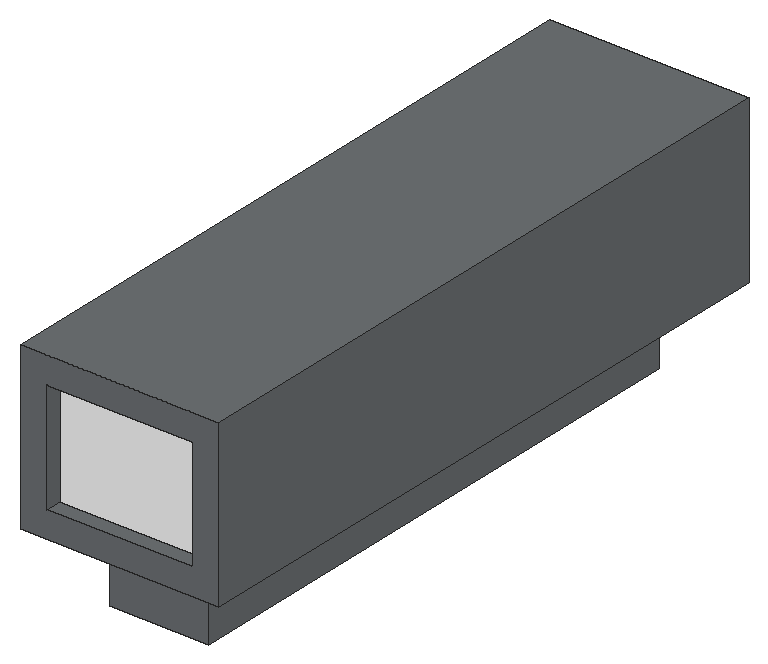
Revit family "Thorn AXYL GLOW", category Lighting Fixtures, host Face, Revit 2023
Family settings
  Host = Face
  Round Connector Dimension = Use Diameter
  Part Type = Normal
  Cut with Voids When Loaded = Yes
  Light Source = No
  Maintain Annotation Orientation = No
  Shared = No
  Room Calculation Point = Yes
Parameters (values of type "AXYL GLOW S U/D 2L930 WB HF ANT")
  Wattage = 5.4 W
  URL = "https://www.thornlighting.com/96700165"
  Type Light Source UP = Thorn-Light Source-Axyl-Glow : AXYL GLOW S U/D 2L930 WB HF ANT_photometric_data_UP
  Type Light Source DOWN = Thorn-Light Source-Axyl-Glow : AXYL GLOW S U/D 2L930 WB HF ANT_photometric_data_DOWN
  Type Image = TLG_AXYL_F_GLOW_S_ANT.jpg
  Type IFC Predefined Type = "DIRECTIONSOURCE"
  Up and Down = yes
  Down = yes
  Housing Small = yes
  Housing Medium = no
  Housing Large = no
  Power Factor = 0.54
  Model = "96700165"
  Material Housing = Thorn-Aluminium-RAL 7016-Anthracite Grey
  Manufacturer = "Thorn Lighting"  # constant formula
  Luminaire Width = if(Housing Small, 60 mm, if(Housing Medium, 90 mm, if(Housing Large, 140 mm, 60 mm)))  # 60 mm
  Luminaire Length = 200 mm  # constant formula
  Luminaire Height = 72 mm  # constant formula
  Lamp = "LED"  # constant formula
  Export Type to IFC As = "IfcLightFixtureType"
  Description = "Wall Mounted Decorative Luminaire"  # constant formula
  Default Elevation = 1000 mm  # constant formula
  Body Size Small = Thorn-Axyl-Glow-Body : Small
  Body Size Medium = Thorn-Axyl-Glow-Body : Medium
  Body Size Large = Thorn-Axyl-Glow-Body : Large
  Body Size = if(Housing Small, Body Size Small, if(Housing Medium, Body Size Medium, if(Housing Large, Body Size Large, Body Size Small)))  # Thorn-Axyl-Glow-Body : Small
  Assembly Code = "Pr_70_70_48_93"
  Apparent Load = Wattage / Power Factor  # 10 VA
Reference planes
  plane 1 "Center (Front/Back)": y = 0
  plane 2: z = 0
  plane 3 "Center (Left/Right)": x = 0
  plane 4: x = -30
  plane 5: x = 30
  plane 6: y = 100
  plane 7: y = -100
  plane 8: z = 72
  plane 9: z = 47
Lines and regions (mm)
  Filled region 1, type "White"
    outline origin (0, 0, 0) x (1, 0, 0) y (0, 1, 0)
      loop
        line (-30, 100) -> (-30, -100) -> (30, -100) -> (30, 100) -> (-30, 100)
  symbolic lines, visible <- "Down"
    curve 1: line (-22, -100, 0) -> (-22, -75, 0)
    curve 2: line (-22, -75, 0) -> (22, -75, 0)
    curve 3: line (22, -75, 0) -> (22, -100, 0)
  symbolic lines, visible <- "Up and Down"
    curve 4: line (-22, 100, 0) -> (-22, 75, 0)
    curve 5: line (-22, 75, 0) -> (22, 75, 0)
    curve 6: line (22, 75, 0) -> (22, 100, 0)
  model lines, style "InvisibleLines"
    curve 7: line (0, 0, 0) -> (0, 0, 486)
    curve 8: line (0, 0, 486) -> (34.202, 0, 392.031)
    curve 9: line (0, 0, 486) -> (-34.202, 0, 392.031)
    curve 10: line (-250, 0, 0) -> (250, 0, 0)
Dimensions and locks
  equal spacing: plane 4, plane 3 "Center (Left/Right)", plane 5
  "Luminaire Width": plane 4 to plane 5
  equal spacing: plane 7, plane 1 "Center (Front/Back)", plane 6
  "Luminaire Length": plane 7 to plane 6
  "Luminaire Height": plane 8 to level
  locked: plane 7 to curve 2 at 25
  locked: curve 5 to plane 6 at 25
  locked: plane 4 to curve 1 at 8
  locked: curve 3 to plane 5 at 8
  locked: plane 4 to curve 4 at 8
  locked: curve 6 to plane 5 at 8
  aligned and locked: plane 2 to host face
  aligned and locked: level to host face
  aligned and locked: Filled region 1 sketch curve to nested 1  (x4)
  aligned and locked: plane 7 to nested 1
  aligned and locked: plane 7 to nested 2
  aligned and locked: plane 3 "Center (Left/Right)" to nested 2
  aligned and locked: nested 3 to plane 6
  aligned and locked: plane 3 "Center (Left/Right)" to nested 3
  aligned and locked: nested 3 to plane 9
  aligned and locked: nested 2 to plane 9
Automatic sketch dimensions
  host sketch curve to host sketch curve = 2438.4 mm  (x2)
  plane 7 to curve 1 = 0 mm
  curve 4 to plane 6 = 0 mm
  curve 6 to plane 6 = 0 mm
  plane 7 to curve 3 = 0 mm
  curve 10 to level = 0 mm
  curve 8 to plane 3 "Center (Left/Right)" = 0 mm
  plane 8 to curve 9 = 414 mm
  curve 9 to plane 4 = 4.202 mm
  curve 10 to plane 4 = 220 mm
  curve 8 to plane 5 = 4.202 mm
  curve 10 to plane 5 = 220 mm
  curve 9 to curve 7 = 93.969 mm
  curve 8 to curve 9 = 0 mm
Nested families
  nested 1: "Thorn-Axyl-Glow-Body" at (0, 0, 0), Set UP W <- "Up and Down", Set DOWN W <- "Down", type <- "Body Size", Material Housing <- "Material Housing", type "Small"
    with Visibility Front W yes, Visibility Back W yes, Set UP W yes, Set DOWN W yes, Offset From Ceiling 0 mm, Material Housing Thorn-Aluminium-RAL 7016-Anthracite Grey, Housing yes
  nested 2: "Thorn-Light Source-Axyl-Glow" at (0, -100, 47), type <- "Type Light Source DOWN", type "AXYL GLOW S U/D 2L930 WB HF ANT_photometric_data_DOWN"
    with Reflector Direction Line Offset 600 mm, Light Distribution Offset 600 mm
  nested 3: "Thorn-Light Source-Axyl-Glow" at (0, 100, 47), type <- "Type Light Source UP", visible <- "Up and Down", type "AXYL GLOW S U/D 2L930 WB HF ANT_photometric_data_UP"
    with Reflector Direction Line Offset 600 mm, Light Distribution Offset 600 mm
Connectors
  electrical at (0, 0, 0), driven by "Apparent Load", driven by "Power Factor"
    settings: index 1, voltage 230 V, apparent load 10 VA, apparent load phase1 0 VA, apparent load phase2 0 VA, apparent load phase3 0 VA, power factor 0.54, load classification "Lighting", number of poles 1, system type 30, power factor state 1, is connector primary yes, connector utility no, sub classification motor no, connector description ""
Definition of nested family "Thorn-Axyl-Glow-Body"
  Parameters (values of type "Small")
    Wall Mount Offset = if(Set Size Small, 15 mm, if(Set Size Medium, 18 mm, if(Set Size Large, 22 mm, 15 mm)))  # 15 mm
    Visibility Front W [instance] = Set DOWN W  # yes
    Visibility Back W [instance] = Set UP W  # yes
    Set Size Small = yes
    Set Size Medium = no
    Set Size Large = no
    Set DOWN W [instance] = yes
    Set UP W [instance] = yes
    Material Light Source = none
    Luminaire Width = if(Set Size Small, 60 mm, if(Set Size Medium, 90 mm, if(Set Size Large, 140 mm, 60 mm)))  # 60 mm
    Luminaire Length = if(Set Size Small, 200 mm, if(Set Size Medium, 200 mm, if(Set Size Large, 200 mm, 200 mm)))  # 200 mm
    Luminaire Height = if(Set Size Small, 72 mm, if(Set Size Medium, 72 mm, if(Set Size Large, 72 mm, 72 mm)))  # 72 mm
    Housing [instance] = yes
    Material Housing [instance] = none
    Offset From Ceiling [instance] = 0 mm
    Manufacturer = "Thorn Lighting"  # constant formula
    Default Elevation = 1219.2 mm
  Types (4, lengths in mm): name | Wall Mount Offset | Set Size Small | Set Size Medium | Set Size Large | Luminaire Width
    (no name) | 15 | yes | no | no | 60
    Small | 15 | yes | no | no | 60
    Medium | 18 | no | yes | no | 90
    Large | 22 | no | no | yes | 140
  Reference planes
    plane 1 "Center (Front/Back)": y = 0
    plane 2: z = 0
    plane 3 "Center (Left/Right)": x = 0
    plane 4: x = -30
    plane 5: x = 30
    plane 6: y = 100
    plane 7: y = -100
    plane 8: z = 72
    plane 9: z = -500
    plane 10: z = 22
    plane 11: y = -95
    plane 12: y = -69.583
    plane 13: y = 69.583
    plane 14: y = 95
    plane 15: z = 30
    plane 16: z = 64
    plane 17: x = -22
    plane 18: x = 22
    plane 19 "Screw back": y = 36
    plane 20 "Screw front": y = -36
  Forms (mm)
    Extrusion 1, solid, material <- "Material Housing"
      sketch origin (0, 0, 0) x (1, 0, 0) y (0, 1, 0)
        loop
          line (-30, 100) -> (-30, -100) -> (30, -100) -> (30, 100) -> (-30, 100)
      from 0 to 72
    Extrusion 2, void
      sketch origin (0, 0, 0) x (1, 0, 0) y (0, 1, 0)
        loop
          line (-30, 100) -> (-30, -100) -> (30, -100) -> (30, 100) -> (-30, 100)
        loop
          line (-15, 85) -> (-15, -85) -> (15, -85) -> (15, 85) -> (-15, 85)
      from 0 to 22
    Extrusion 3, solid, material <- "Material Light Source", visible <- "Visibility Front W"
      sketch origin (0, 0, 0) x (1, 0, 0) y (0, 0, 1)
        loop
          line (-22, 30) -> (22, 30) -> (22, 64) -> (-22, 64) -> (-22, 30)
      from 69.583 to 95
    Extrusion 4, void
      sketch origin (0, 0, 0) x (1, 0, 0) y (0, 0, 1)
        loop
          line (-22, 30) -> (22, 30) -> (22, 64) -> (-22, 64) -> (-22, 30)
      from 29.583 to 100.817
    Extrusion 5, solid, material <- "Material Light Source", visible <- "Visibility Back W"
      sketch origin (0, 0, 0) x (1, 0, 0) y (0, 0, -1)
        loop
          line (-22, -30) -> (-22, -64) -> (22, -64) -> (22, -30) -> (-22, -30)
      from 69.583 to 95
    Extrusion 6, void
      sketch origin (0, 0, 0) x (1, 0, 0) y (0, 0, -1)
        loop
          line (-22, -30) -> (-22, -64) -> (22, -64) -> (22, -30) -> (-22, -30)
      from 29.583 to 102.048
  Cuts and joins
    Extrusion 2, Extrusion 4, Extrusion 6 cuts Extrusion 1
  Dimensions and locks
    equal spacing: plane 4, plane 3 "Center (Left/Right)", plane 5
    "Luminaire Width": plane 4 to plane 5
    equal spacing: plane 6, plane 1 "Center (Front/Back)", plane 7
    "Luminaire Length": plane 6 to plane 7
    "Luminaire Height": plane 8 to level
    plane 10 to plane 2 = 22 mm
    locked: plane 11 to plane 7 at 5
    plane 12 to plane 11 = 25.417 mm
    locked: plane 15 to plane 10 at 8
    locked: plane 8 to plane 16 at 8
    locked: plane 4 to plane 17 at 8
    locked: plane 18 to plane 5 at 8
    locked: plane 14 to plane 13 at 25.417
    locked: plane 6 to plane 14 at 5
    "Wall Mount Offset": cut or joined group of Extrusion 1, Extrusion 2, Extrusion 4, Extrusion 6 to Extrusion 2 sketch curve  (x3)
    "Wall Mount Offset": Extrusion 2 sketch curve to cut or joined group of Extrusion 1, Extrusion 2, Extrusion 4, Extrusion 6
    aligned and locked: level to plane 2
    aligned and locked: plane 6 to Extrusion 1 sketch curve
    aligned and locked: plane 4 to Extrusion 1 sketch curve
    aligned and locked: plane 7 to Extrusion 1 sketch curve
    aligned and locked: plane 5 to Extrusion 1 sketch curve
    aligned and locked: plane 8 to Extrusion 1
    aligned and locked: Extrusion 2 to plane 10
    aligned and locked: plane 2 to Extrusion 2
    aligned and locked: plane 11 to Extrusion 3
    aligned and locked: Extrusion 3 to plane 12
    aligned and locked: Extrusion 5 to plane 13
    aligned and locked: plane 14 to Extrusion 5
    aligned and locked: plane 15 to Extrusion 3
    aligned and locked: plane 15 to Extrusion 5
    aligned and locked: cut or joined group of Extrusion 1, Extrusion 2, Extrusion 4, Extrusion 6 to plane 4
  Automatic sketch dimensions
    Extrusion 3 sketch curve to plane 16 = 0 mm
    plane 17 to Extrusion 3 sketch curve = 0 mm
    plane 18 to Extrusion 3 sketch curve = 0 mm
    Extrusion 3 sketch curve to plane 15 = 0 mm
    Extrusion 4 sketch curve to plane 16 = 0 mm
    plane 17 to Extrusion 4 sketch curve = 0 mm
    plane 18 to Extrusion 4 sketch curve = 0 mm
    Extrusion 4 sketch curve to plane 15 = 0 mm
    Extrusion 5 sketch curve to plane 16 = 0 mm
    plane 17 to Extrusion 5 sketch curve = 0 mm
    plane 18 to Extrusion 5 sketch curve = 0 mm
    Extrusion 5 sketch curve to plane 15 = 0 mm
    Extrusion 6 sketch curve to plane 16 = 0 mm
    plane 17 to Extrusion 6 sketch curve = 0 mm
    plane 18 to Extrusion 6 sketch curve = 0 mm
    Extrusion 6 sketch curve to plane 15 = 0 mm
    Extrusion 2 sketch curve to plane 4 = 0 mm
    Extrusion 2 sketch curve to plane 5 = 0 mm
    Extrusion 2 sketch curve to plane 7 = 0 mm
    plane 6 to Extrusion 2 sketch curve = 0 mm
Definition of nested family "Thorn-Light Source-Axyl-Glow"
  Parameters (values of type "AXYL GLOW L DWN 5L927 WB HF ANT_photometric_data")
    URL = "/"
    Type Comments = "/"
    Reflector Direction Line Offset [instance] = 600 mm
    Model = "96700193"
    Light Distribution Offset [instance] = 600 mm
    Wattage = 16 W
    built-in parameter 1150110 = 1 (stored number, unit not read)
    built-in parameter 1114217 = 1 (stored number, unit not read)
    Tilt Angle = -90.00°
    built-in parameter 1150109 = 1 (stored number, unit not read)
    built-in parameter 1150134 = (empty or 0)
    built-in parameter 1150113 = 1 (stored number, unit not read)
    Power Factor = 0.95
    Photometric Web File = "96700193_(STD).IES"
    Manufacturer = "Thorn Lighting"  # constant formula
    Lumens = 524 lm
    built-in parameter 1150115 = 1 (stored number, unit not read)
    built-in parameter 1150105 = 167.21 (stored number, unit not read)
    built-in parameter 1150137 = (empty or 0)
    built-in parameter 1150139 = (empty or 0)
    built-in parameter 1150112 = 1 (stored number, unit not read)
    built-in parameter 1150114 = 1 (stored number, unit not read)
    Lamp = "LED"
    Keynote = "/"
    built-in parameter 1150132 = 2
    built-in parameter 1150102 = (empty or 0)
    built-in parameter 1150138 = (empty or 0)
    built-in parameter 1150107 = 2700 (stored number, unit not read)
    built-in parameter 1150106 = 1.6721 (stored number, unit not read)
    built-in parameter 1150104 = 3.0658 (stored number, unit not read)
    Dimming Lamp Color Temperature Shift = (empty or 0)
    Description = "Light Source"  # constant formula
    Default Elevation = 0 mm  # constant formula
    Color Filter = 16777215
    built-in parameter 1114218 = 1 (stored number, unit not read)
    built-in parameter 1150133 = 10 (stored number, unit not read)
    Apparent Load = 21.25 VA
  Types (216, lengths in mm): name | Model | Wattage | Power Factor | Photometric Web File | Lumens | built-in parameter 1150107 | built-in parameter 1150104
    AXYL GLOW S DWN 1L927 WB HF ANT_photometric_data | "96700145" | 4 W | 0.54 | "96700145_(STD).IES" | 90 lm | 2700 (stored number, unit not read) | 2.1368 (stored number, unit not read)
    AXYL GLOW S DWN 1L927 WB HF BK_photometric_data | "96700143" | 4 W | 0.54 | "96700143_(STD).IES" | 90 lm | 2700 (stored number, unit not read) | 2.1368 (stored number, unit not read)
    AXYL GLOW S DWN 1L927 WB HF WH_photometric_data | "96700142" | 4 W | 0.54 | "96700142_(STD).IES" | 90 lm | 2700 (stored number, unit not read) | 2.1368 (stored number, unit not read)
    AXYL GLOW S DWN 1L927 WB RD ANT_photometric_data | "96701261" | 4 W | 0.54 | "96701261_(STD).IES" | 90 lm | 2700 (stored number, unit not read) | 2.1368 (stored number, unit not read)
    AXYL GLOW S DWN 1L927 WB RD BK_photometric_data | "96701259" | 4 W | 0.54 | "96701259_(STD).IES" | 90 lm | 2700 (stored number, unit not read) | 2.1368 (stored number, unit not read)
    AXYL GLOW S DWN 1L927 WB RD WH_photometric_data | "96701258" | 4 W | 0.54 | "96701258_(STD).IES" | 90 lm | 2700 (stored number, unit not read) | 2.1368 (stored number, unit not read)
    AXYL GLOW S DWN 1L930 WB HF ANT_photometric_data | "96700153" | 4 W | 0.54 | "96700153_(STD).IES" | 95 lm | 3000 (stored number, unit not read) | 2.2297 (stored number, unit not read)
    AXYL GLOW S DWN 1L930 WB HF BK_photometric_data | "96700151" | 4 W | 0.54 | "96700151_(STD).IES" | 95 lm | 3000 (stored number, unit not read) | 2.2297 (stored number, unit not read)
    AXYL GLOW S DWN 1L930 WB HF GY_photometric_data | "96700152" | 4 W | 0.54 | "96700152_(STD).IES" | 95 lm | 3000 (stored number, unit not read) | 2.2297 (stored number, unit not read)
    AXYL GLOW S DWN 1L930 WB HF WH_photometric_data | "96700150" | 4 W | 0.54 | "96700150_(STD).IES" | 95 lm | 3000 (stored number, unit not read) | 2.2297 (stored number, unit not read)
    AXYL GLOW S DWN 1L930 WB RD ANT_photometric_data | "96701269" | 4 W | 0.54 | "96701269_(STD).IES" | 95 lm | 3000 (stored number, unit not read) | 2.2297 (stored number, unit not read)
    AXYL GLOW S DWN 1L930 WB RD BK_photometric_data | "96701267" | 4 W | 0.54 | "96701267_(STD).IES" | 95 lm | 3000 (stored number, unit not read) | 2.2297 (stored number, unit not read)
    AXYL GLOW S DWN 1L930 WB RD GY_photometric_data | "96701268" | 4 W | 0.54 | "96701268_(STD).IES" | 95 lm | 3000 (stored number, unit not read) | 2.2297 (stored number, unit not read)
    AXYL GLOW S DWN 1L930 WB RD WH_photometric_data | "96701266" | 4 W | 0.54 | "96701266_(STD).IES" | 95 lm | 3000 (stored number, unit not read) | 2.2297 (stored number, unit not read)
    AXYL GLOW S DWN 1L940 WB HF ANT_photometric_data | "96700149" | 4 W | 0.54 | "96700149_(STD).IES" | 102 lm | 4000 (stored number, unit not read) | 2.4155 (stored number, unit not read)
    AXYL GLOW S DWN 1L940 WB HF BK_photometric_data | "96700147" | 4 W | 0.54 | "96700147_(STD).IES" | 102 lm | 4000 (stored number, unit not read) | 2.4155 (stored number, unit not read)
    AXYL GLOW S DWN 1L940 WB HF GY_photometric_data | "96700148" | 4 W | 0.54 | "96700148_(STD).IES" | 102 lm | 4000 (stored number, unit not read) | 2.4155 (stored number, unit not read)
    AXYL GLOW S DWN 1L940 WB HF WH_photometric_data | "96700146" | 4 W | 0.54 | "96700146_(STD).IES" | 102 lm | 4000 (stored number, unit not read) | 2.4155 (stored number, unit not read)
    AXYL GLOW S DWN 1L940 WB RD ANT_photometric_data | "96701265" | 4 W | 0.54 | "96701265_(STD).IES" | 102 lm | 4000 (stored number, unit not read) | 2.4155 (stored number, unit not read)
    AXYL GLOW S DWN 1L940 WB RD BK_photometric_data | "96701263" | 4 W | 0.54 | "96701263_(STD).IES" | 102 lm | 4000 (stored number, unit not read) | 2.4155 (stored number, unit not read)
    AXYL GLOW S DWN 1L940 WB RD GY_photometric_data | "96701264" | 4 W | 0.54 | "96701264_(STD).IES" | 102 lm | 4000 (stored number, unit not read) | 2.4155 (stored number, unit not read)
    AXYL GLOW S DWN 1L940 WB RD WH_photometric_data | "96701262" | 4 W | 0.54 | "96701262_(STD).IES" | 102 lm | 4000 (stored number, unit not read) | 2.4155 (stored number, unit not read)
    AXYL GLOW S DWN1L927  WB HF GY_photometric_data | "96700144" | 4 W | 0.54 | "96700144_(STD).IES" | 90 lm | 2700 (stored number, unit not read) | 2.1368 (stored number, unit not read)
    AXYL GLOW S DWN1L927  WB RD GY_photometric_data | "96701260" | 4 W | 0.54 | "96701260_(STD).IES" | 90 lm | 2700 (stored number, unit not read) | 2.1368 (stored number, unit not read)
    AXYL GLOW S U/D 2L927 WB HF ANT_photometric_data_UP | "96700157" | 2.7 W | 0.54 | "96700157_(STD)_Up.IES" | 90 lm | 2700 (stored number, unit not read) | 3.0658 (stored number, unit not read)
    AXYL GLOW S U/D 2L927 WB HF ANT_photometric_data_DOWN | "96700157" | 2.7 W | 0.54 | "96700157_(STD)_Down.IES" | 90 lm | 2700 (stored number, unit not read) | 3.0658 (stored number, unit not read)
    AXYL GLOW S U/D 2L927 WB HF BK_photometric_data_UP | "96700155" | 2.7 W | 0.54 | "96700155_(STD)_Up.IES" | 90 lm | 2700 (stored number, unit not read) | 3.0658 (stored number, unit not read)
    AXYL GLOW S U/D 2L927 WB HF BK_photometric_data_DOWN | "96700155" | 2.7 W | 0.54 | "96700155_(STD)_Down.IES" | 90 lm | 2700 (stored number, unit not read) | 3.0658 (stored number, unit not read)
    AXYL GLOW S U/D 2L927 WB HF GY_photometric_data_UP | "96700156" | 2.7 W | 0.54 | "96700156_(STD)_Up.IES" | 90 lm | 2700 (stored number, unit not read) | 3.0658 (stored number, unit not read)
    AXYL GLOW S U/D 2L927 WB HF GY_photometric_data_DOWN | "96700156" | 2.7 W | 0.54 | "96700156_(STD)_Down.IES" | 90 lm | 2700 (stored number, unit not read) | 3.0658 (stored number, unit not read)
    AXYL GLOW S U/D 2L927 WB HF WH_photometric_data_UP | "96700154" | 2.7 W | 0.54 | "96700154_(STD)_Up.IES" | 90 lm | 2700 (stored number, unit not read) | 3.0658 (stored number, unit not read)
    AXYL GLOW S U/D 2L927 WB HF WH_photometric_data_DOWN | "96700154" | 2.7 W | 0.54 | "96700154_(STD)_Down.IES" | 90 lm | 2700 (stored number, unit not read) | 3.0658 (stored number, unit not read)
    AXYL GLOW S U/D 2L927 WB RD ANT_photometric_data_UP | "96701297" | 2.7 W | 0.54 | "96701297_(STD)_Up.IES" | 90 lm | 2700 (stored number, unit not read) | 3.0658 (stored number, unit not read)
    AXYL GLOW S U/D 2L927 WB RD ANT_photometric_data_DOWN | "96701297" | 2.7 W | 0.54 | "96701297_(STD)_Down.IES" | 90 lm | 2700 (stored number, unit not read) | 3.0658 (stored number, unit not read)
    AXYL GLOW S U/D 2L927 WB RD BK_photometric_data_UP | "96701295" | 2.7 W | 0.54 | "96701295_(STD)_Up.IES" | 90 lm | 2700 (stored number, unit not read) | 3.0658 (stored number, unit not read)
    AXYL GLOW S U/D 2L927 WB RD BK_photometric_data_DOWN | "96701295" | 2.7 W | 0.54 | "96701295_(STD)_Down.IES" | 90 lm | 2700 (stored number, unit not read) | 3.0658 (stored number, unit not read)
    AXYL GLOW S U/D 2L927 WB RD GY_photometric_data_UP | "96701296" | 2.7 W | 0.54 | "96701296_(STD)_Up.IES" | 90 lm | 2700 (stored number, unit not read) | 3.0658 (stored number, unit not read)
    AXYL GLOW S U/D 2L927 WB RD GY_photometric_data_DOWN | "96701296" | 2.7 W | 0.54 | "96701296_(STD)_Down.IES" | 90 lm | 2700 (stored number, unit not read) | 3.0658 (stored number, unit not read)
    AXYL GLOW S U/D 2L927 WB RD WH_photometric_data_UP | "96701294" | 2.7 W | 0.54 | "96701294_(STD)_Up.IES" | 90 lm | 2700 (stored number, unit not read) | 3.0658 (stored number, unit not read)
    AXYL GLOW S U/D 2L927 WB RD WH_photometric_data_DOWN | "96701294" | 2.7 W | 0.54 | "96701294_(STD)_Down.IES" | 90 lm | 2700 (stored number, unit not read) | 3.0658 (stored number, unit not read)
    AXYL GLOW S U/D 2L930 WB HF ANT_photometric_data_UP | "96700165" | 2.7 W | 0.54 | "96700165_(STD)_Up.IES" | 95 lm | 3000 (stored number, unit not read) | 3.2516 (stored number, unit not read)
    AXYL GLOW S U/D 2L930 WB HF ANT_photometric_data_DOWN | "96700165" | 2.7 W | 0.54 | "96700165_(STD)_Down.IES" | 95 lm | 3000 (stored number, unit not read) | 3.2516 (stored number, unit not read)
    AXYL GLOW S U/D 2L930 WB HF BK_photometric_data_UP | "96700163" | 2.7 W | 0.54 | "96700163_(STD)_Up.IES" | 95 lm | 3000 (stored number, unit not read) | 3.2516 (stored number, unit not read)
    AXYL GLOW S U/D 2L930 WB HF BK_photometric_data_DOWN | "96700163" | 2.7 W | 0.54 | "96700163_(STD)_Down.IES" | 95 lm | 3000 (stored number, unit not read) | 3.2516 (stored number, unit not read)
    AXYL GLOW S U/D 2L930 WB HF GY_photometric_data_UP | "96700164" | 2.7 W | 0.54 | "96700164_(STD)_Up.IES" | 95 lm | 3000 (stored number, unit not read) | 3.2516 (stored number, unit not read)
    AXYL GLOW S U/D 2L930 WB HF GY_photometric_data_DOWN | "96700164" | 2.7 W | 0.54 | "96700164_(STD)_Down.IES" | 95 lm | 3000 (stored number, unit not read) | 3.2516 (stored number, unit not read)
    AXYL GLOW S U/D 2L930 WB HF WH_photometric_data_UP | "96700162" | 2.7 W | 0.54 | "96700162_(STD)_Up.IES" | 95 lm | 3000 (stored number, unit not read) | 3.2516 (stored number, unit not read)
    AXYL GLOW S U/D 2L930 WB HF WH_photometric_data_DOWN | "96700162" | 2.7 W | 0.54 | "96700162_(STD)_Down.IES" | 95 lm | 3000 (stored number, unit not read) | 3.2516 (stored number, unit not read)
    AXYL GLOW S U/D 2L930 WB RD ANT_photometric_data_UP | "96701305" | 2.7 W | 0.54 | "96701305_(STD)_Up.IES" | 95 lm | 3000 (stored number, unit not read) | 3.2516 (stored number, unit not read)
    AXYL GLOW S U/D 2L930 WB RD ANT_photometric_data_DOWN | "96701305" | 2.7 W | 0.54 | "96701305_(STD)_Down.IES" | 95 lm | 3000 (stored number, unit not read) | 3.2516 (stored number, unit not read)
    AXYL GLOW S U/D 2L930 WB RD BK_photometric_data_UP | "96701303" | 2.7 W | 0.54 | "96701303_(STD)_Up.IES" | 95 lm | 3000 (stored number, unit not read) | 3.2516 (stored number, unit not read)
    AXYL GLOW S U/D 2L930 WB RD BK_photometric_data_DOWN | "96701303" | 2.7 W | 0.54 | "96701303_(STD)_Down.IES" | 95 lm | 3000 (stored number, unit not read) | 3.2516 (stored number, unit not read)
    AXYL GLOW S U/D 2L930 WB RD GY_photometric_data_UP | "96701304" | 2.7 W | 0.54 | "96701304_(STD)_Up.IES" | 95 lm | 3000 (stored number, unit not read) | 3.2516 (stored number, unit not read)
    AXYL GLOW S U/D 2L930 WB RD GY_photometric_data_DOWN | "96701304" | 2.7 W | 0.54 | "96701304_(STD)_Down.IES" | 95 lm | 3000 (stored number, unit not read) | 3.2516 (stored number, unit not read)
    AXYL GLOW S U/D 2L930 WB RD WH_photometric_data_UP | "96701302" | 2.7 W | 0.54 | "96701302_(STD)_Up.IES" | 95 lm | 3000 (stored number, unit not read) | 3.2516 (stored number, unit not read)
    AXYL GLOW S U/D 2L930 WB RD WH_photometric_data_DOWN | "96701302" | 2.7 W | 0.54 | "96701302_(STD)_Down.IES" | 95 lm | 3000 (stored number, unit not read) | 3.2516 (stored number, unit not read)
    AXYL GLOW S U/D 2L940 WB HF ANT_photometric_data_UP | "96700161" | 2.7 W | 0.54 | "96700161_(STD)_Up.IES" | 102.5 lm | 4000 (stored number, unit not read) | 3.5303 (stored number, unit not read)
    AXYL GLOW S U/D 2L940 WB HF ANT_photometric_data_DOWN | "96700161" | 2.7 W | 0.54 | "96700161_(STD)_Down.IES" | 102.5 lm | 4000 (stored number, unit not read) | 3.5303 (stored number, unit not read)
    AXYL GLOW S U/D 2L940 WB HF BK_photometric_data_UP | "96700159" | 2.7 W | 0.54 | "96700159_(STD)_Up.IES" | 102.5 lm | 4000 (stored number, unit not read) | 3.5303 (stored number, unit not read)
    AXYL GLOW S U/D 2L940 WB HF BK_photometric_data_DOWN | "96700159" | 2.7 W | 0.54 | "96700159_(STD)_Down.IES" | 102.5 lm | 4000 (stored number, unit not read) | 3.5303 (stored number, unit not read)
    AXYL GLOW S U/D 2L940 WB HF GY_photometric_data_UP | "96700160" | 2.7 W | 0.54 | "96700160_(STD)_Up.IES" | 102.5 lm | 4000 (stored number, unit not read) | 3.5303 (stored number, unit not read)
    AXYL GLOW S U/D 2L940 WB HF GY_photometric_data_DOWN | "96700160" | 2.7 W | 0.54 | "96700160_(STD)_Down.IES" | 102.5 lm | 4000 (stored number, unit not read) | 3.5303 (stored number, unit not read)
    AXYL GLOW S U/D 2L940 WB HF WH_photometric_data_UP | "96700158" | 2.7 W | 0.54 | "96700158_(STD)_Up.IES" | 102.5 lm | 4000 (stored number, unit not read) | 3.5303 (stored number, unit not read)
    AXYL GLOW S U/D 2L940 WB HF WH_photometric_data_DOWN | "96700158" | 2.7 W | 0.54 | "96700158_(STD)_Down.IES" | 102.5 lm | 4000 (stored number, unit not read) | 3.5303 (stored number, unit not read)
    AXYL GLOW S U/D 2L940 WB RD ANT_photometric_data_UP | "96701301" | 2.7 W | 0.54 | "96701301_(STD)_Up.IES" | 102.5 lm | 4000 (stored number, unit not read) | 3.5303 (stored number, unit not read)
    AXYL GLOW S U/D 2L940 WB RD ANT_photometric_data_DOWN | "96701301" | 2.7 W | 0.54 | "96701301_(STD)_Down.IES" | 102.5 lm | 4000 (stored number, unit not read) | 3.5303 (stored number, unit not read)
    AXYL GLOW S U/D 2L940 WB RD BK_photometric_data_UP | "96701299" | 2.7 W | 0.54 | "96701299_(STD)_Up.IES" | 102.5 lm | 4000 (stored number, unit not read) | 3.5303 (stored number, unit not read)
    AXYL GLOW S U/D 2L940 WB RD BK_photometric_data_DOWN | "96701299" | 2.7 W | 0.54 | "96701299_(STD)_Down.IES" | 102.5 lm | 4000 (stored number, unit not read) | 3.5303 (stored number, unit not read)
    AXYL GLOW S U/D 2L940 WB RD GY_photometric_data_UP | "96701300" | 2.7 W | 0.54 | "96701300_(STD)_Up.IES" | 102.5 lm | 4000 (stored number, unit not read) | 3.5303 (stored number, unit not read)
    AXYL GLOW S U/D 2L940 WB RD GY_photometric_data_DOWN | "96701300" | 2.7 W | 0.54 | "96701300_(STD)_Down.IES" | 102.5 lm | 4000 (stored number, unit not read) | 3.5303 (stored number, unit not read)
    AXYL GLOW S U/D 2L940 WB RD WH_photometric_data_UP | "96701298" | 2.7 W | 0.54 | "96701298_(STD)_Up.IES" | 102.5 lm | 4000 (stored number, unit not read) | 3.5303 (stored number, unit not read)
    AXYL GLOW S U/D 2L940 WB RD WH_photometric_data_DOWN | "96701298" | 2.7 W | 0.54 | "96701298_(STD)_Down.IES" | 102.5 lm | 4000 (stored number, unit not read) | 3.5303 (stored number, unit not read)
    AXYL GLOW M DWN 3L927  WB HF GY_photometric_data | "96700168" | 10 W | 0.95 | "96700168_(STD).IES" | 321 lm | 2700 (stored number, unit not read) | 2.9729 (stored number, unit not read)
    AXYL GLOW M DWN 3L927  WB RD GY_photometric_data | "96701272" | 10 W | 0.95 | "96701272_(STD).IES" | 321 lm | 2700 (stored number, unit not read) | 2.9729 (stored number, unit not read)
    AXYL GLOW M DWN 3L927 WB HF ANT_photometric_data | "96700169" | 10 W | 0.95 | "96700169_(STD).IES" | 321 lm | 2700 (stored number, unit not read) | 2.9729 (stored number, unit not read)
    AXYL GLOW M DWN 3L927 WB HF BK_photometric_data | "96700167" | 10 W | 0.95 | "96700167_(STD).IES" | 321 lm | 2700 (stored number, unit not read) | 2.9729 (stored number, unit not read)
    AXYL GLOW M DWN 3L927 WB HF WH_photometric_data | "96700166" | 10 W | 0.95 | "96700166_(STD).IES" | 321 lm | 2700 (stored number, unit not read) | 2.9729 (stored number, unit not read)
    AXYL GLOW M DWN 3L927 WB RD ANT_photometric_data | "96701273" | 10 W | 0.95 | "96701273_(STD).IES" | 321 lm | 2700 (stored number, unit not read) | 2.9729 (stored number, unit not read)
    AXYL GLOW M DWN 3L927 WB RD BK_photometric_data | "96701271" | 10 W | 0.95 | "96701271_(STD).IES" | 321 lm | 2700 (stored number, unit not read) | 2.9729 (stored number, unit not read)
    AXYL GLOW M DWN 3L927 WB RD WH_photometric_data | "96701270" | 10 W | 0.95 | "96701270_(STD).IES" | 321 lm | 2700 (stored number, unit not read) | 2.9729 (stored number, unit not read)
    AXYL GLOW M DWN 3L930 WB HF ANT_photometric_data | "96700177" | 10 W | 0.95 | "96700177_(STD).IES" | 338 lm | 3000 (stored number, unit not read) | 3.1587 (stored number, unit not read)
    AXYL GLOW M DWN 3L930 WB HF BK_photometric_data | "96700175" | 10 W | 0.95 | "96700175_(STD).IES" | 338 lm | 3000 (stored number, unit not read) | 3.1587 (stored number, unit not read)
    AXYL GLOW M DWN 3L930 WB HF GY_photometric_data | "96700176" | 10 W | 0.95 | "96700176_(STD).IES" | 338 lm | 3000 (stored number, unit not read) | 3.1587 (stored number, unit not read)
    AXYL GLOW M DWN 3L930 WB HF WH_photometric_data | "96700174" | 10 W | 0.95 | "96700174_(STD).IES" | 338 lm | 3000 (stored number, unit not read) | 3.1587 (stored number, unit not read)
    AXYL GLOW M DWN 3L930 WB RD ANT_photometric_data | "96701281" | 10 W | 0.95 | "96701281_(STD).IES" | 338 lm | 3000 (stored number, unit not read) | 3.1587 (stored number, unit not read)
    AXYL GLOW M DWN 3L930 WB RD BK_photometric_data | "96701279" | 10 W | 0.95 | "96701279_(STD).IES" | 338 lm | 3000 (stored number, unit not read) | 3.1587 (stored number, unit not read)
    AXYL GLOW M DWN 3L930 WB RD GY_photometric_data | "96701280" | 10 W | 0.95 | "96701280_(STD).IES" | 338 lm | 3000 (stored number, unit not read) | 3.1587 (stored number, unit not read)
    AXYL GLOW M DWN 3L930 WB RD WH_photometric_data | "96701278" | 10 W | 0.95 | "96701278_(STD).IES" | 338 lm | 3000 (stored number, unit not read) | 3.1587 (stored number, unit not read)
    AXYL GLOW M DWN 3L940 WB HF ANT_photometric_data | "96700173" | 10 W | 0.95 | "96700173_(STD).IES" | 365 lm | 4000 (stored number, unit not read) | 3.4374 (stored number, unit not read)
    AXYL GLOW M DWN 3L940 WB HF BK_photometric_data | "96700171" | 10 W | 0.95 | "96700171_(STD).IES" | 365 lm | 4000 (stored number, unit not read) | 3.4374 (stored number, unit not read)
    AXYL GLOW M DWN 3L940 WB HF GY_photometric_data | "96700172" | 10 W | 0.95 | "96700172_(STD).IES" | 365 lm | 4000 (stored number, unit not read) | 3.4374 (stored number, unit not read)
    AXYL GLOW M DWN 3L940 WB HF WH_photometric_data | "96700170" | 10 W | 0.95 | "96700170_(STD).IES" | 365 lm | 4000 (stored number, unit not read) | 3.4374 (stored number, unit not read)
    AXYL GLOW M DWN 3L940 WB RD ANT_photometric_data | "96701277" | 10 W | 0.95 | "96701277_(STD).IES" | 365 lm | 4000 (stored number, unit not read) | 3.4374 (stored number, unit not read)
    AXYL GLOW M DWN 3L940 WB RD BK_photometric_data | "96701275" | 10 W | 0.95 | "96701275_(STD).IES" | 365 lm | 4000 (stored number, unit not read) | 3.4374 (stored number, unit not read)
    AXYL GLOW M DWN 3L940 WB RD GY_photometric_data | "96701276" | 10 W | 0.95 | "96701276_(STD).IES" | 365 lm | 4000 (stored number, unit not read) | 3.4374 (stored number, unit not read)
    AXYL GLOW M DWN 3L940 WB RD WH_photometric_data | "96701274" | 10 W | 0.95 | "96701274_(STD).IES" | 365 lm | 4000 (stored number, unit not read) | 3.4374 (stored number, unit not read)
    AXYL GLOW M U/D 6L927 WB HF ANT_photometric_data_UP | "96700181" | 9.4 W | 0.95 | "96700181_(STD)_Up.IES" | 322 lm | 2700 (stored number, unit not read) | 3.1587 (stored number, unit not read)
    AXYL GLOW M U/D 6L927 WB HF ANT_photometric_data_DOWN | "96700181" | 9.4 W | 0.95 | "96700181_(STD)_Down.IES" | 322 lm | 2700 (stored number, unit not read) | 3.1587 (stored number, unit not read)
    AXYL GLOW M U/D 6L927 WB HF BK_photometric_data_UP | "96700179" | 9.4 W | 0.95 | "96700179_(STD)_Up.IES" | 322 lm | 2700 (stored number, unit not read) | 3.1587 (stored number, unit not read)
    AXYL GLOW M U/D 6L927 WB HF BK_photometric_data_DOWN | "96700179" | 9.4 W | 0.95 | "96700179_(STD)_Down.IES" | 322 lm | 2700 (stored number, unit not read) | 3.1587 (stored number, unit not read)
    AXYL GLOW M U/D 6L927 WB HF GY_photometric_data_UP | "96700180" | 9.4 W | 0.95 | "96700180_(STD)_Up.IES" | 322 lm | 2700 (stored number, unit not read) | 3.1587 (stored number, unit not read)
    AXYL GLOW M U/D 6L927 WB HF GY_photometric_data_DOWN | "96700180" | 9.4 W | 0.95 | "96700180_(STD)_Down.IES" | 322 lm | 2700 (stored number, unit not read) | 3.1587 (stored number, unit not read)
    AXYL GLOW M U/D 6L927 WB HF WH_photometric_data_UP | "96700178" | 9.4 W | 0.95 | "96700178_(STD)_Up.IES" | 322 lm | 2700 (stored number, unit not read) | 3.1587 (stored number, unit not read)
    AXYL GLOW M U/D 6L927 WB HF WH_photometric_data_DOWN | "96700178" | 9.4 W | 0.95 | "96700178_(STD)_Down.IES" | 322 lm | 2700 (stored number, unit not read) | 3.1587 (stored number, unit not read)
    AXYL GLOW M U/D 6L927 WB RD ANT_photometric_data_UP | "96701309" | 9.4 W | 0.95 | "96701309_(STD)_Up.IES" | 322 lm | 2700 (stored number, unit not read) | 3.1587 (stored number, unit not read)
    AXYL GLOW M U/D 6L927 WB RD ANT_photometric_data_DOWN | "96701309" | 9.4 W | 0.95 | "96701309_(STD)_Down.IES" | 322 lm | 2700 (stored number, unit not read) | 3.1587 (stored number, unit not read)
    AXYL GLOW M U/D 6L927 WB RD BK_photometric_data_UP | "96701307" | 9.4 W | 0.95 | "96701307_(STD)_Up.IES" | 322 lm | 2700 (stored number, unit not read) | 3.1587 (stored number, unit not read)
    AXYL GLOW M U/D 6L927 WB RD BK_photometric_data_DOWN | "96701307" | 9.4 W | 0.95 | "96701307_(STD)_Down.IES" | 322 lm | 2700 (stored number, unit not read) | 3.1587 (stored number, unit not read)
    AXYL GLOW M U/D 6L927 WB RD GY_photometric_data_UP | "96701308" | 9.4 W | 0.95 | "96701308_(STD)_Up.IES" | 322 lm | 2700 (stored number, unit not read) | 3.1587 (stored number, unit not read)
    AXYL GLOW M U/D 6L927 WB RD GY_photometric_data_DOWN | "96701308" | 9.4 W | 0.95 | "96701308_(STD)_Down.IES" | 322 lm | 2700 (stored number, unit not read) | 3.1587 (stored number, unit not read)
    AXYL GLOW M U/D 6L927 WB RD WH_photometric_data_UP | "96701306" | 9.4 W | 0.95 | "96701306_(STD)_Up.IES" | 322 lm | 2700 (stored number, unit not read) | 3.1587 (stored number, unit not read)
    AXYL GLOW M U/D 6L927 WB RD WH_photometric_data_DOWN | "96701306" | 9.4 W | 0.95 | "96701306_(STD)_Down.IES" | 322 lm | 2700 (stored number, unit not read) | 3.1587 (stored number, unit not read)
    AXYL GLOW M U/D 6L930 WB HF ANT_photometric_data_UP | "96700189" | 9.4 W | 0.95 | "96700189_(STD)_Up.IES" | 339 lm | 3000 (stored number, unit not read) | 3.3445 (stored number, unit not read)
    AXYL GLOW M U/D 6L930 WB HF ANT_photometric_data_DOWN | "96700189" | 9.4 W | 0.95 | "96700189_(STD)_Down.IES" | 339 lm | 3000 (stored number, unit not read) | 3.3445 (stored number, unit not read)
    AXYL GLOW M U/D 6L930 WB HF BK_photometric_data_UP | "96700187" | 9.4 W | 0.95 | "96700187_(STD)_Up.IES" | 339 lm | 3000 (stored number, unit not read) | 3.3445 (stored number, unit not read)
    AXYL GLOW M U/D 6L930 WB HF BK_photometric_data_DOWN | "96700187" | 9.4 W | 0.95 | "96700187_(STD)_Down.IES" | 339 lm | 3000 (stored number, unit not read) | 3.3445 (stored number, unit not read)
    AXYL GLOW M U/D 6L930 WB HF GY_photometric_data_UP | "96700188" | 9.4 W | 0.95 | "96700188_(STD)_Up.IES" | 339 lm | 3000 (stored number, unit not read) | 3.3445 (stored number, unit not read)
    AXYL GLOW M U/D 6L930 WB HF GY_photometric_data_DOWN | "96700188" | 9.4 W | 0.95 | "96700188_(STD)_Down.IES" | 339 lm | 3000 (stored number, unit not read) | 3.3445 (stored number, unit not read)
    AXYL GLOW M U/D 6L930 WB HF WH_photometric_data_UP | "96700186" | 9.4 W | 0.95 | "96700186_(STD)_Up.IES" | 339 lm | 3000 (stored number, unit not read) | 3.3445 (stored number, unit not read)
    AXYL GLOW M U/D 6L930 WB HF WH_photometric_data_DOWN | "96700186" | 9.4 W | 0.95 | "96700186_(STD)_Down.IES" | 339 lm | 3000 (stored number, unit not read) | 3.3445 (stored number, unit not read)
    AXYL GLOW M U/D 6L930 WB RD ANT_photometric_data_UP | "96701317" | 9.4 W | 0.95 | "96701317_(STD)_Up.IES" | 339 lm | 3000 (stored number, unit not read) | 3.3445 (stored number, unit not read)
    AXYL GLOW M U/D 6L930 WB RD ANT_photometric_data_DOWN | "96701317" | 9.4 W | 0.95 | "96701317_(STD)_Down.IES" | 339 lm | 3000 (stored number, unit not read) | 3.3445 (stored number, unit not read)
    AXYL GLOW M U/D 6L930 WB RD BK_photometric_data_UP | "96701315" | 9.4 W | 0.95 | "96701315_(STD)_Up.IES" | 339 lm | 3000 (stored number, unit not read) | 3.3445 (stored number, unit not read)
    AXYL GLOW M U/D 6L930 WB RD BK_photometric_data_DOWN | "96701315" | 9.4 W | 0.95 | "96701315_(STD)_Down.IES" | 339 lm | 3000 (stored number, unit not read) | 3.3445 (stored number, unit not read)
    AXYL GLOW M U/D 6L930 WB RD GY_photometric_data_UP | "96701316" | 9.4 W | 0.95 | "96701316_(STD)_Up.IES" | 339 lm | 3000 (stored number, unit not read) | 3.3445 (stored number, unit not read)
    AXYL GLOW M U/D 6L930 WB RD GY_photometric_data_DOWN | "96701316" | 9.4 W | 0.95 | "96701316_(STD)_Down.IES" | 339 lm | 3000 (stored number, unit not read) | 3.3445 (stored number, unit not read)
    AXYL GLOW M U/D 6L930 WB RD WH_photometric_data_UP | "96701314" | 9.4 W | 0.95 | "96701314_(STD)_Up.IES" | 339 lm | 3000 (stored number, unit not read) | 3.3445 (stored number, unit not read)
    AXYL GLOW M U/D 6L930 WB RD WH_photometric_data_DOWN | "96701314" | 9.4 W | 0.95 | "96701314_(STD)_Down.IES" | 339 lm | 3000 (stored number, unit not read) | 3.3445 (stored number, unit not read)
    AXYL GLOW M U/D 6L940 WB HF ANT_photometric_data_UP | "96700185" | 9.4 W | 0.95 | "96700185_(STD)_Up.IES" | 366 lm | 4000 (stored number, unit not read) | 3.6232 (stored number, unit not read)
    AXYL GLOW M U/D 6L940 WB HF ANT_photometric_data_DOWN | "96700185" | 9.4 W | 0.95 | "96700185_(STD)_Down.IES" | 366 lm | 4000 (stored number, unit not read) | 3.6232 (stored number, unit not read)
    AXYL GLOW M U/D 6L940 WB HF BK_photometric_data_UP | "96700183" | 9.4 W | 0.95 | "96700183_(STD)_Up.IES" | 366 lm | 4000 (stored number, unit not read) | 3.6232 (stored number, unit not read)
    AXYL GLOW M U/D 6L940 WB HF BK_photometric_data_DOWN | "96700183" | 9.4 W | 0.95 | "96700183_(STD)_Down.IES" | 366 lm | 4000 (stored number, unit not read) | 3.6232 (stored number, unit not read)
    AXYL GLOW M U/D 6L940 WB HF GY_photometric_data_UP | "96700184" | 9.4 W | 0.95 | "96700184_(STD)_Up.IES" | 366 lm | 4000 (stored number, unit not read) | 3.6232 (stored number, unit not read)
    AXYL GLOW M U/D 6L940 WB HF GY_photometric_data_DOWN | "96700184" | 9.4 W | 0.95 | "96700184_(STD)_Down.IES" | 366 lm | 4000 (stored number, unit not read) | 3.6232 (stored number, unit not read)
    AXYL GLOW M U/D 6L940 WB HF WH_photometric_data_UP | "96700182" | 9.4 W | 0.95 | "96700182_(STD)_Up.IES" | 366 lm | 4000 (stored number, unit not read) | 3.6232 (stored number, unit not read)
    AXYL GLOW M U/D 6L940 WB HF WH_photometric_data_DOWN | "96700182" | 9.4 W | 0.95 | "96700182_(STD)_Down.IES" | 366 lm | 4000 (stored number, unit not read) | 3.6232 (stored number, unit not read)
    AXYL GLOW M U/D 6L940 WB RD ANT_photometric_data_UP | "96701313" | 9.4 W | 0.95 | "96701313_(STD)_Up.IES" | 366 lm | 4000 (stored number, unit not read) | 3.6232 (stored number, unit not read)
    AXYL GLOW M U/D 6L940 WB RD ANT_photometric_data_DOWN | "96701313" | 9.4 W | 0.95 | "96701313_(STD)_Down.IES" | 366 lm | 4000 (stored number, unit not read) | 3.6232 (stored number, unit not read)
    AXYL GLOW M U/D 6L940 WB RD BK_photometric_data_UP | "96701311" | 9.4 W | 0.95 | "96701311_(STD)_Up.IES" | 366 lm | 4000 (stored number, unit not read) | 3.6232 (stored number, unit not read)
    AXYL GLOW M U/D 6L940 WB RD BK_photometric_data_DOWN | "96701311" | 9.4 W | 0.95 | "96701311_(STD)_Down.IES" | 366 lm | 4000 (stored number, unit not read) | 3.6232 (stored number, unit not read)
    AXYL GLOW M U/D 6L940 WB RD GY_photometric_data_UP | "96701312" | 9.4 W | 0.95 | "96701312_(STD)_Up.IES" | 366 lm | 4000 (stored number, unit not read) | 3.6232 (stored number, unit not read)
    AXYL GLOW M U/D 6L940 WB RD GY_photometric_data_DOWN | "96701312" | 9.4 W | 0.95 | "96701312_(STD)_Down.IES" | 366 lm | 4000 (stored number, unit not read) | 3.6232 (stored number, unit not read)
    AXYL GLOW M U/D 6L940 WB RD WH_photometric_data_UP | "96701310" | 9.4 W | 0.95 | "96701310_(STD)_Up.IES" | 366 lm | 4000 (stored number, unit not read) | 3.6232 (stored number, unit not read)
    AXYL GLOW M U/D 6L940 WB RD WH_photometric_data_DOWN | "96701310" | 9.4 W | 0.95 | "96701310_(STD)_Down.IES" | 366 lm | 4000 (stored number, unit not read) | 3.6232 (stored number, unit not read)
    AXYL GLOW L DWN 5L927 WB HF ANT_photometric_data | "96700193" | 16 W | 0.95 | "96700193_(STD).IES" | 524 lm | 2700 (stored number, unit not read) | 3.0658 (stored number, unit not read)
    AXYL GLOW L DWN 5L927 WB HF BK_photometric_data | "96700191" | 16 W | 0.95 | "96700191_(STD).IES" | 524 lm | 2700 (stored number, unit not read) | 3.0658 (stored number, unit not read)
    AXYL GLOW L DWN 5L927 WB HF GY_photometric_data | "96700192" | 16 W | 0.95 | "96700192_(STD).IES" | 524 lm | 2700 (stored number, unit not read) | 3.0658 (stored number, unit not read)
    AXYL GLOW L DWN 5L927 WB HF WH_photometric_data | "96700190" | 16 W | 0.95 | "96700190_(STD).IES" | 524 lm | 2700 (stored number, unit not read) | 3.0658 (stored number, unit not read)
    AXYL GLOW L DWN 5L927 WB RD ANT_photometric_data | "96701285" | 16 W | 0.95 | "96701285_(STD).IES" | 524 lm | 2700 (stored number, unit not read) | 3.0658 (stored number, unit not read)
    AXYL GLOW L DWN 5L927 WB RD BK_photometric_data | "96701283" | 16 W | 0.95 | "96701283_(STD).IES" | 524 lm | 2700 (stored number, unit not read) | 3.0658 (stored number, unit not read)
    AXYL GLOW L DWN 5L927 WB RD GY_photometric_data | "96701284" | 16 W | 0.95 | "96701284_(STD).IES" | 524 lm | 2700 (stored number, unit not read) | 3.0658 (stored number, unit not read)
    AXYL GLOW L DWN 5L927 WB RD WH_photometric_data | "96701282" | 16 W | 0.95 | "96701282_(STD).IES" | 524 lm | 2700 (stored number, unit not read) | 3.0658 (stored number, unit not read)
    AXYL GLOW L DWN 5L930 WB HF ANT_photometric_data | "96700201" | 16 W | 0.95 | "96700201_(STD).IES" | 552 lm | 3000 (stored number, unit not read) | 3.2516 (stored number, unit not read)
    AXYL GLOW L DWN 5L930 WB HF BK_photometric_data | "96700199" | 16 W | 0.95 | "96700199_(STD).IES" | 552 lm | 3000 (stored number, unit not read) | 3.2516 (stored number, unit not read)
    AXYL GLOW L DWN 5L930 WB HF GY_photometric_data | "96700200" | 16 W | 0.95 | "96700200_(STD).IES" | 552 lm | 3000 (stored number, unit not read) | 3.2516 (stored number, unit not read)
    AXYL GLOW L DWN 5L930 WB HF WH_photometric_data | "96700198" | 16 W | 0.95 | "96700198_(STD).IES" | 552 lm | 3000 (stored number, unit not read) | 3.2516 (stored number, unit not read)
    AXYL GLOW L DWN 5L930 WB RD ANT_photometric_data | "96701293" | 16 W | 0.95 | "96701293_(STD).IES" | 552 lm | 3000 (stored number, unit not read) | 3.2516 (stored number, unit not read)
    AXYL GLOW L DWN 5L930 WB RD BK_photometric_data | "96701291" | 16 W | 0.95 | "96701291_(STD).IES" | 552 lm | 3000 (stored number, unit not read) | 3.2516 (stored number, unit not read)
    AXYL GLOW L DWN 5L930 WB RD GY_photometric_data | "96701292" | 16 W | 0.95 | "96701292_(STD).IES" | 552 lm | 3000 (stored number, unit not read) | 3.2516 (stored number, unit not read)
    AXYL GLOW L DWN 5L930 WB RD WH_photometric_data | "96701290" | 16 W | 0.95 | "96701290_(STD).IES" | 552 lm | 3000 (stored number, unit not read) | 3.2516 (stored number, unit not read)
    AXYL GLOW L DWN 5L940 WB HF ANT_photometric_data | "96700197" | 16 W | 0.95 | "96700197_(STD).IES" | 596 lm | 4000 (stored number, unit not read) | 3.4374 (stored number, unit not read)
    AXYL GLOW l DWN 5L940 WB HF BK_photometric_data | "96700195" | 16 W | 0.95 | "96700195_(STD).IES" | 596 lm | 4000 (stored number, unit not read) | 3.4374 (stored number, unit not read)
    AXYL GLOW L DWN 5L940 WB HF GY_photometric_data | "96700196" | 16 W | 0.95 | "96700196_(STD).IES" | 596 lm | 4000 (stored number, unit not read) | 3.4374 (stored number, unit not read)
    AXYL GLOW L DWN 5L940 WB HF WH_photometric_data | "96700194" | 16 W | 0.95 | "96700194_(STD).IES" | 596 lm | 4000 (stored number, unit not read) | 3.4374 (stored number, unit not read)
    AXYL GLOW L DWN 5L940 WB RD ANT_photometric_data | "96701289" | 16 W | 0.95 | "96701289_(STD).IES" | 596 lm | 4000 (stored number, unit not read) | 3.4374 (stored number, unit not read)
    AXYL GLOW l DWN 5L940 WB RD BK_photometric_data | "96701287" | 16 W | 0.95 | "96701287_(STD).IES" | 596 lm | 4000 (stored number, unit not read) | 3.4374 (stored number, unit not read)
    AXYL GLOW L DWN 5L940 WB RD GY_photometric_data | "96701288" | 16 W | 0.95 | "96701288_(STD).IES" | 596 lm | 4000 (stored number, unit not read) | 3.4374 (stored number, unit not read)
    AXYL GLOW L DWN 5L940 WB RD WH_photometric_data | "96701286" | 16 W | 0.95 | "96701286_(STD).IES" | 596 lm | 4000 (stored number, unit not read) | 3.4374 (stored number, unit not read)
    AXYL GLOW L U/D 10L927  WB HF GY_photometric_data_UP | "96700204" | 14.65 W | 0.95 | "96700204_(STD)_Up.IES" | 523.5 lm | 2700 (stored number, unit not read) | 3.3445 (stored number, unit not read)
    AXYL GLOW L U/D 10L927  WB HF GY_photometric_data_DOWN | "96700204" | 14.65 W | 0.95 | "96700204_(STD)_Down.IES" | 523.5 lm | 2700 (stored number, unit not read) | 3.3445 (stored number, unit not read)
    AXYL GLOW L U/D 10L927  WB RD GY_photometric_data_UP | "96701320" | 14.65 W | 0.95 | "96701320_(STD)_Up.IES" | 523.5 lm | 2700 (stored number, unit not read) | 3.3445 (stored number, unit not read)
    AXYL GLOW L U/D 10L927  WB RD GY_photometric_data_DOWN | "96701320" | 14.65 W | 0.95 | "96701320_(STD)_Down.IES" | 523.5 lm | 2700 (stored number, unit not read) | 3.3445 (stored number, unit not read)
    AXYL GLOW L U/D 10L927 WB HF ANT_photometric_data_UP | "96700205" | 14.65 W | 0.95 | "96700205_(STD)_Up.IES" | 523.5 lm | 2700 (stored number, unit not read) | 3.3445 (stored number, unit not read)
    AXYL GLOW L U/D 10L927 WB HF ANT_photometric_data_DOWN | "96700205" | 14.65 W | 0.95 | "96700205_(STD)_Down.IES" | 523.5 lm | 2700 (stored number, unit not read) | 3.3445 (stored number, unit not read)
    AXYL GLOW L U/D 10L927 WB HF BK_photometric_data_UP | "96700203" | 14.65 W | 0.95 | "96700203_(STD)_Up.IES" | 523.5 lm | 2700 (stored number, unit not read) | 3.3445 (stored number, unit not read)
    AXYL GLOW L U/D 10L927 WB HF BK_photometric_data_DOWN | "96700203" | 14.65 W | 0.95 | "96700203_(STD)_Down.IES" | 523.5 lm | 2700 (stored number, unit not read) | 3.3445 (stored number, unit not read)
    AXYL GLOW L U/D 10L927 WB HF WH_photometric_data_UP | "96700202" | 14.65 W | 0.95 | "96700202_(STD)_Up.IES" | 523.5 lm | 2700 (stored number, unit not read) | 3.3445 (stored number, unit not read)
    AXYL GLOW L U/D 10L927 WB HF WH_photometric_data_DOWN | "96700202" | 14.65 W | 0.95 | "96700202_(STD)_Down.IES" | 523.5 lm | 2700 (stored number, unit not read) | 3.3445 (stored number, unit not read)
    AXYL GLOW L U/D 10L927 WB RD ANT_photometric_data_UP | "96701321" | 14.65 W | 0.95 | "96701321_(STD)_Up.IES" | 523.5 lm | 2700 (stored number, unit not read) | 3.3445 (stored number, unit not read)
    AXYL GLOW L U/D 10L927 WB RD ANT_photometric_data_DOWN | "96701321" | 14.65 W | 0.95 | "96701321_(STD)_Down.IES" | 523.5 lm | 2700 (stored number, unit not read) | 3.3445 (stored number, unit not read)
    AXYL GLOW L U/D 10L927 WB RD BK_photometric_data_UP | "96701319" | 14.65 W | 0.95 | "96701319_(STD)_Up.IES" | 523.5 lm | 2700 (stored number, unit not read) | 3.3445 (stored number, unit not read)
    AXYL GLOW L U/D 10L927 WB RD BK_photometric_data_DOWN | "96701319" | 14.65 W | 0.95 | "96701319_(STD)_Down.IES" | 523.5 lm | 2700 (stored number, unit not read) | 3.3445 (stored number, unit not read)
    AXYL GLOW L U/D 10L927 WB RD WH_photometric_data_UP | "96701318" | 14.65 W | 0.95 | "96701318_(STD)_Up.IES" | 523.5 lm | 2700 (stored number, unit not read) | 3.3445 (stored number, unit not read)
    AXYL GLOW L U/D 10L927 WB RD WH_photometric_data_DOWN | "96701318" | 14.65 W | 0.95 | "96701318_(STD)_Down.IES" | 523.5 lm | 2700 (stored number, unit not read) | 3.3445 (stored number, unit not read)
    AXYL GLOW L U/D 10L930 WB HF ANT_photometric_data_UP | "96700213" | 14.65 W | 0.95 | "96700213_(STD)_Up.IES" | 551.5 lm | 3000 (stored number, unit not read) | 3.5303 (stored number, unit not read)
    AXYL GLOW L U/D 10L930 WB HF ANT_photometric_data_DOWN | "96700213" | 14.65 W | 0.95 | "96700213_(STD)_Down.IES" | 551.5 lm | 3000 (stored number, unit not read) | 3.5303 (stored number, unit not read)
    AXYL GLOW L U/D 10L930 WB HF BK_photometric_data_UP | "96700211" | 14.65 W | 0.95 | "96700211_(STD)_Up.IES" | 551.5 lm | 3000 (stored number, unit not read) | 3.5303 (stored number, unit not read)
    AXYL GLOW L U/D 10L930 WB HF BK_photometric_data_DOWN | "96700211" | 14.65 W | 0.95 | "96700211_(STD)_Down.IES" | 551.5 lm | 3000 (stored number, unit not read) | 3.5303 (stored number, unit not read)
    AXYL GLOW L U/D 10L930 WB HF GY_photometric_data_UP | "96700212" | 14.65 W | 0.95 | "96700212_(STD)_Up.IES" | 551.5 lm | 3000 (stored number, unit not read) | 3.5303 (stored number, unit not read)
    AXYL GLOW L U/D 10L930 WB HF GY_photometric_data_DOWN | "96700212" | 14.65 W | 0.95 | "96700212_(STD)_Down.IES" | 551.5 lm | 3000 (stored number, unit not read) | 3.5303 (stored number, unit not read)
    AXYL GLOW L U/D 10L930 WB HF WH_photometric_data_UP | "96700210" | 14.65 W | 0.95 | "96700210_(STD)_Up.IES" | 551.5 lm | 3000 (stored number, unit not read) | 3.5303 (stored number, unit not read)
    AXYL GLOW L U/D 10L930 WB HF WH_photometric_data_DOWN | "96700210" | 14.65 W | 0.95 | "96700210_(STD)_Down.IES" | 551.5 lm | 3000 (stored number, unit not read) | 3.5303 (stored number, unit not read)
    AXYL GLOW L U/D 10L930 WB RD ANT_photometric_data_UP | "96701329" | 14.65 W | 0.95 | "96701329_(STD)_Up.IES" | 551.5 lm | 3000 (stored number, unit not read) | 3.5303 (stored number, unit not read)
    AXYL GLOW L U/D 10L930 WB RD ANT_photometric_data_DOWN | "96701329" | 14.65 W | 0.95 | "96701329_(STD)_Down.IES" | 551.5 lm | 3000 (stored number, unit not read) | 3.5303 (stored number, unit not read)
    AXYL GLOW L U/D 10L930 WB RD BK_photometric_data_UP | "96701327" | 14.65 W | 0.95 | "96701327_(STD)_Up.IES" | 551.5 lm | 3000 (stored number, unit not read) | 3.5303 (stored number, unit not read)
    AXYL GLOW L U/D 10L930 WB RD BK_photometric_data_DOWN | "96701327" | 14.65 W | 0.95 | "96701327_(STD)_Down.IES" | 551.5 lm | 3000 (stored number, unit not read) | 3.5303 (stored number, unit not read)
    AXYL GLOW L U/D 10L930 WB RD GY_photometric_data_UP | "96701328" | 14.65 W | 0.95 | "96701328_(STD)_Up.IES" | 551.5 lm | 3000 (stored number, unit not read) | 3.5303 (stored number, unit not read)
    AXYL GLOW L U/D 10L930 WB RD GY_photometric_data_DOWN | "96701328" | 14.65 W | 0.95 | "96701328_(STD)_Down.IES" | 551.5 lm | 3000 (stored number, unit not read) | 3.5303 (stored number, unit not read)
    AXYL GLOW L U/D 10L930 WB RD WH_photometric_data_UP | "96701326" | 14.65 W | 0.95 | "96701326_(STD)_Up.IES" | 551.5 lm | 3000 (stored number, unit not read) | 3.5303 (stored number, unit not read)
    AXYL GLOW L U/D 10L930 WB RD WH_photometric_data_DOWN | "96701326" | 14.65 W | 0.95 | "96701326_(STD)_Down.IES" | 551.5 lm | 3000 (stored number, unit not read) | 3.5303 (stored number, unit not read)
    AXYL GLOW L U/D 10L940 WB HF ANT_photometric_data_UP | "96700209" | 14.65 W | 0.95 | "96700209_(STD)_Up.IES" | 595.5 lm | 4000 (stored number, unit not read) | 3.809 (stored number, unit not read)
    AXYL GLOW L U/D 10L940 WB HF ANT_photometric_data_DOWN | "96700209" | 14.65 W | 0.95 | "96700209_(STD)_Down.IES" | 595.5 lm | 4000 (stored number, unit not read) | 3.809 (stored number, unit not read)
    AXYL GLOW L U/D 10L940 WB HF BK_photometric_data_UP | "96700207" | 14.65 W | 0.95 | "96700207_(STD)_Up.IES" | 595.5 lm | 4000 (stored number, unit not read) | 3.809 (stored number, unit not read)
    AXYL GLOW L U/D 10L940 WB HF BK_photometric_data_DOWN | "96700207" | 14.65 W | 0.95 | "96700207_(STD)_Down.IES" | 595.5 lm | 4000 (stored number, unit not read) | 3.809 (stored number, unit not read)
    AXYL GLOW L U/D 10L940 WB HF GY_photometric_data_UP | "96700208" | 14.65 W | 0.95 | "96700208_(STD)_Up.IES" | 595.5 lm | 4000 (stored number, unit not read) | 3.809 (stored number, unit not read)
    AXYL GLOW L U/D 10L940 WB HF GY_photometric_data_DOWN | "96700208" | 14.65 W | 0.95 | "96700208_(STD)_Down.IES" | 595.5 lm | 4000 (stored number, unit not read) | 3.809 (stored number, unit not read)
    AXYL GLOW L U/D 10L940 WB HF WH_photometric_data_UP | "96700206" | 14.65 W | 0.95 | "96700206_(STD)_Up.IES" | 595.5 lm | 4000 (stored number, unit not read) | 3.809 (stored number, unit not read)
    AXYL GLOW L U/D 10L940 WB HF WH_photometric_data_DOWN | "96700206" | 14.65 W | 0.95 | "96700206_(STD)_Down.IES" | 595.5 lm | 4000 (stored number, unit not read) | 3.809 (stored number, unit not read)
    AXYL GLOW L U/D 10L940 WB RD ANT_photometric_data_UP | "96701325" | 14.65 W | 0.95 | "96701325_(STD)_Up.IES" | 595.5 lm | 4000 (stored number, unit not read) | 3.809 (stored number, unit not read)
    AXYL GLOW L U/D 10L940 WB RD ANT_photometric_data_DOWN | "96701325" | 14.65 W | 0.95 | "96701325_(STD)_Down.IES" | 595.5 lm | 4000 (stored number, unit not read) | 3.809 (stored number, unit not read)
    AXYL GLOW L U/D 10L940 WB RD BK_photometric_data_UP | "96701323" | 14.65 W | 0.95 | "96701323_(STD)_Up.IES" | 595.5 lm | 4000 (stored number, unit not read) | 3.809 (stored number, unit not read)
    AXYL GLOW L U/D 10L940 WB RD BK_photometric_data_DOWN | "96701323" | 14.65 W | 0.95 | "96701323_(STD)_Down.IES" | 595.5 lm | 4000 (stored number, unit not read) | 3.809 (stored number, unit not read)
    AXYL GLOW L U/D 10L940 WB RD GY_photometric_data_UP | "96701324" | 14.65 W | 0.95 | "96701324_(STD)_Up.IES" | 595.5 lm | 4000 (stored number, unit not read) | 3.809 (stored number, unit not read)
    AXYL GLOW L U/D 10L940 WB RD GY_photometric_data_DOWN | "96701324" | 14.65 W | 0.95 | "96701324_(STD)_Down.IES" | 595.5 lm | 4000 (stored number, unit not read) | 3.809 (stored number, unit not read)
    AXYL GLOW L U/D 10L940 WB RD WH_photometric_data_UP | "96701322" | 14.65 W | 0.95 | "96701322_(STD)_Up.IES" | 595.5 lm | 4000 (stored number, unit not read) | 3.809 (stored number, unit not read)
    AXYL GLOW L U/D 10L940 WB RD WH_photometric_data_DOWN | "96701322" | 14.65 W | 0.95 | "96701322_(STD)_Down.IES" | 595.5 lm | 4000 (stored number, unit not read) | 3.809 (stored number, unit not read)
  Reference planes
    plane 1 "Light Source Axis (F/B)": y = 0
    plane 2: z = 0
    plane 3 "Light Source Axis (L/R)": x = 0
    plane 4 "Light Source Elevation": z = 0
  Lines and regions (mm)
    model lines
      curve 1: line (0, 0, 0) -> (0, 0, 50)
      curve 2: line (0, 0, 0) -> (0, 10, 0)
      curve 3: line (0, 0, 0) -> (10, 0, 0)
      curve 4: line (0, 0, 0) -> (0, -10, 0)
      curve 5: line (0, 0, 0) -> (-10, 0, 0)
  Dimensions and locks
    aligned and locked: level to plane 2
    aligned and locked: plane 4 "Light Source Elevation" to plane 2
    aligned and locked: curve 5 to plane 1 "Light Source Axis (F/B)"
    aligned and locked: plane 1 "Light Source Axis (F/B)" to curve 3
    aligned and locked: curve 4 to plane 3 "Light Source Axis (L/R)"
Types (144, lengths in mm): name | Wattage | URL | Type Light Source UP | Type Light Source DOWN | Type Image | Up and Down | Housing Small | Housing Medium | Housing Large | Power Factor | Model | Material Housing | Luminaire Width | Body Size | Apparent Load
  AXYL GLOW S DWN 1L927 WB HF ANT | 4 W | "https://www.thornlighting.com/96700145" | Thorn-Light Source-Axyl-Glow : AXYL GLOW S DWN 1L927 WB HF ANT_photometric_data | Thorn-Light Source-Axyl-Glow : AXYL GLOW S DWN 1L927 WB HF ANT_photometric_data | TLG_AXYL_F_GLOW_S_ANT.jpg | no | yes | no | no | 0.54 | "96700145" | Thorn-Aluminium-RAL 7016-Anthracite Grey | 60 | Thorn-Axyl-Glow-Body : Small | 7.40741 VA
